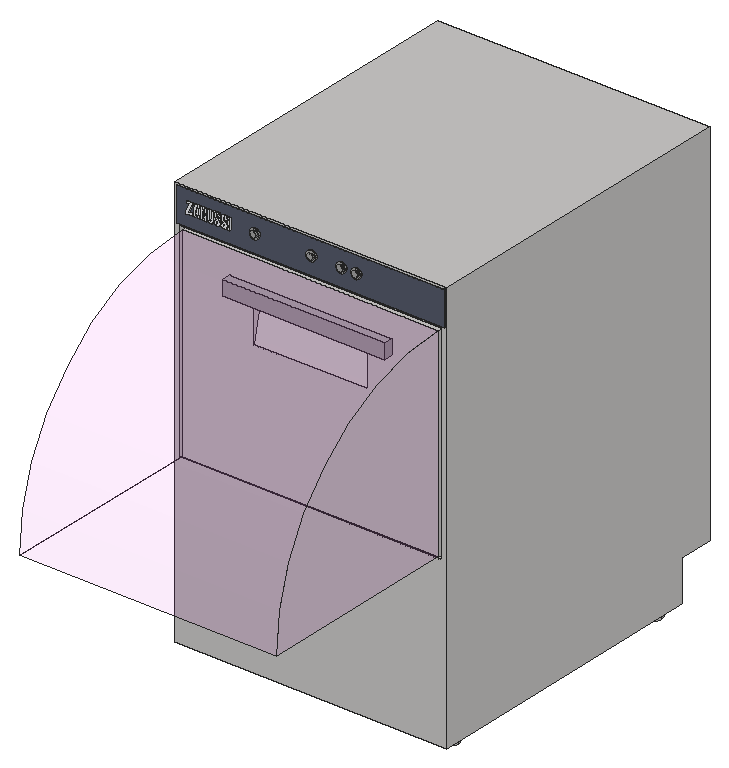
Revit family "QF_ZANUSSI_402294_ZSP", category Attrezzature speciali, Revit 2020
Family settings
  Quota connettore circolare = Usa diametro
  Tipo di parte = Normale
  Basato su piano di lavoro = No
  Sempre verticale = Sì
  Taglio con vuoti quando caricato = No
  Condiviso = Sì
  Punto di calcolo locali = No
Parameters (values of type "Standard")
  Weight = 82.6733 lbm
  Watts = 2700 W
  Volts = 220 V
  URL Manufacturer = "http://www.zanussiprofessional.com"
  URL = "http://www.zanussiprofessional.com"
  Steam Supply Size = 0"
  Steam Supply Minimum Pressure = 0.00 psi
  Steam Supply Maximum Pressure = 0.00 psi
  Steam Consumption per Hour = 0
  Show Logo [instance] = yes
  Show Clearance [instance] = yes
  Refrigeration Suction Line Size = 0 mm
  Refrigeration Liquid Line Size = 0 mm
  Refrigerant Compressor Remote = yes
  Prospetto di default = 0 mm
  Produttore = "Zanussi"
  Phase = 1
  Modello = "ZSP"
  Length Actual = 455 mm  # constant formula
  Item Number = "402294"
  Hot Water Size = 0"
  Height Actual = 700 mm  # constant formula
  HP = "3.6 HP"
  Gas Size = 0"
  Gas KW = 0
  Gas Input Pressure = 0.0 Btu/h
  Direct Waste Size = 1.14173"
  Descrizione = "GLASSWASHER(S) SINGLE SKIN, DRAIN PUMP, 30B/H"
  Depth Actual = 550 mm  # constant formula
  Cycle = 50 Hz
  Condensate Return Size = 0"
  Compressed Air Volume = 0 GPM
  Compressed Air Size = 0"
  Compressed Air Pressure = 0.00 psi
  Cold Water Size = 3/4"
  Accessory = yes
Reference planes
  plane 1 "BACK": y = 0
  plane 2: z = 0
  plane 3 "LEFT": x = 0
  plane 4 "RIGHT": x = 455
  plane 5 "FRONT": y = -550
  plane 6 "TOP": z = 700
  plane 7: z = 80
Forms (mm)
  Extrusion 1, solid, material "QF_Finishes_Stainless Steel"
    sketch origin (572.404, -56, 162.714) x (1, 0, 0) y (0, 0, 1)
      loop
        line (-392.404, -132.714) -> (-392.404, -152.714) -> (-372.404, -152.714) -> (-372.404, -132.714) -> (-392.404, -132.714)
    from 0 to 2
  Extrusion 2, solid, material "QF_Finishes_Stainless Steel"
    sketch origin (492.814, -53, 212.692) x (1, 0, 0) y (0, 0, 1)
      loop
        circle (-372.814, -140.692) r 8
    from 0 to 5
  Extrusion 3, solid, material "QF_Finishes_Stainless Steel"
    sketch origin (0, 0, 0) x (0, 1, 0) y (0, 0, 1)
      loop
        line (0, 700) -> (-550, 700) -> (-550, 10) -> (-58, 10) -> (-58, 80) -> (0, 80) -> (0, 700)
    from 0 to 455
  Extrusion 4, void
    sketch origin (0, 0, 0) x (0, 1, 0) y (0, 0, 1)
      loop
        line (-520, 637) -> (-550, 637) -> (-550, 290) -> (-520, 290) -> (-520, 637)
    from 7.744 to 447.027
  Extrusion 5, solid, material "QF_Finishes_Stainless Steel"
    sketch origin (0, 0, 0) x (0, 1, 0) y (0, 0, 1)
      loop
        line (-525, 632) -> (-550, 632) -> (-550, 292) -> (-525, 292) -> (-525, 632)
    from 12.721 to 442.431
  Extrusion 6, void
    sketch origin (-10.963, 0, 0) x (0, 1, 0) y (0, 0, 1)
      loop
        line (-550, 567) -> (-550, 502) -> (-535, 567) -> (-550, 567)
    from 143.538 to 333.389
  Extrusion 7, solid, material "QF_Finishes_Gray"
    sketch origin (92.495, 0, 0) x (0, 1, 0) y (0, 0, 1)
      loop
        line (-550, 567) -> (-550, 592) -> (-565, 592) -> (-565, 567) -> (-550, 567)
    from 0 to 270.01
  Extrusion 8, solid, material "QF_Finishes_Navy Blue"
    sketch origin (0, 0, 0) x (0, 1, 0) y (0, 0, 1)
      loop
        line (-550, 640) -> (-550, 697) -> (-550.8, 697) -> (-550.8, 640) -> (-550, 640)
    from 3.223 to 451.973
  Revolve 9, solid, material "QF_Finishes_Door Clearance", visible <- "Show Clearance"
    sketch origin (0, -550, 0) x (1, 0, 0) y (0, 0, 1)
      loop
        line (12.721, 632) -> (12.721, 292) -> (442.431, 292) -> (442.431, 632) -> (12.721, 632)
      axis (442.431, 292) -> (12.721, 292)
    angle from 0 to -90
  Extrusion 10, solid, material "QF_Finishes_Stainless Steel"
    sketch origin (603.814, -53, 212.692) x (1, 0, 0) y (0, 0, 1)
      loop
        circle (-372.814, -140.692) r 8
    from 0 to 5
Cuts and joins
  Extrusion 4, Extrusion 6 cuts Extrusion 3
  Extrusion 6 cuts Extrusion 5
Dimensions and locks
  plane 1 "BACK" to plane 5 "FRONT" = 550 mm
  plane 4 "RIGHT" to plane 3 "LEFT" = 455 mm
  plane 6 "TOP" to level = 700 mm
  plane 3 "LEFT" to plane 4 "RIGHT" = 455 mm
  plane 5 "FRONT" to plane 1 "BACK" = 550 mm
  plane 6 "TOP" to plane 2 = 700 mm
  plane 7 to plane 2 = 80 mm
  cut or joined group of Extrusion 3, Extrusion 4, Extrusion 6 to Revolve 9 = 890 mm
  aligned and locked: level to plane 2
Nested families
  nested 1: "Piedino 10x12.5 mm - DISHWASHING" at (435.5, -517, 0), type "Piedino 10x12.5 mm - DISHWASHING"
  nested 2: "Piedino 10x12.5 mm - DISHWASHING" at (19.5, -517, 0) x (-1, 0, 0) z (0, 0, 1), type "Piedino 10x12.5 mm - DISHWASHING"
  nested 3: "Piedino 10x12.5 mm - DISHWASHING" at (435.5, -91, 0), type "Piedino 10x12.5 mm - DISHWASHING"
  nested 4: "Piedino 10x12.5 mm - DISHWASHING" at (19.5, -91, 0) x (-1, 0, 0) z (0, 0, 1), type "Piedino 10x12.5 mm - DISHWASHING"
  nested 5: "ZANUSSI_Logo - WHITE" at (62.415, -550.8, 719) x (1, 0, 0) z (0, -1, 0), Show Logo <- "Show Logo", visible <- "Show Logo", type "ZANUSSI_Logo - WHITE"
    with Show Logo yes
  nested 6: "Bottone grigio DISHWASHING" at (135, -550.8, 670) x (1, 0, 0) z (0, -1, 0), type "Bottone grigio DISHWASHING"
  nested 7: "Bottone grigio DISHWASHING" at (230, -550.8, 670) x (1, 0, 0) z (0, -1, 0), type "Bottone grigio DISHWASHING"
  nested 8: "Bottone grigio DISHWASHING" at (280, -550.8, 670) x (1, 0, 0) z (0, -1, 0), type "Bottone grigio DISHWASHING"
  nested 9: "Bottone grigio DISHWASHING" at (305, -550.8, 670) x (1, 0, 0) z (0, -1, 0), type "Bottone grigio DISHWASHING"
Connectors
  electrical at (190, -56, 20)
    settings: on Extrusion 1, index 3, voltage 0 V, apparent load 0 VA, apparent load phase1 0 VA, apparent load phase2 0 VA, apparent load phase3 0 VA, power factor 1, load classification "Altro", number of poles 1, system type 30, power factor state 1, is connector primary yes, connector utility no, sub classification motor no, connector description "EI"
  piping at (120, -53, 72), diameter 12.7
    settings: on Extrusion 2, index 4, connector inside diameter 24", connector length 0 mm, flow factor 0, pipe flow 0 GPM, pressure drop 0.00 psi, fitting loss kfactor 0, connector angle 0.00°, fixture units 0, engagement length 0 mm, angle of deflection 0.00°, flow configuration 0, flow direction 0, fitting loss method 0, system type 29, joint type 0, gender type 0, connector reference index -1, connector utility 0, adjustable connector no, is connector primary yes, connector description "WI"
  piping at (231, -53, 72), diameter 12.7
    settings: on Extrusion 10, index 5, connector inside diameter 24", connector length 0 mm, flow factor 0, pipe flow 0 GPM, pressure drop 0.00 psi, fitting loss kfactor 0, connector angle 0.00°, fixture units 0, engagement length 0 mm, angle of deflection 0.00°, flow configuration 0, flow direction 0, fitting loss method 0, system type 29, joint type 0, gender type 0, connector reference index -1, connector utility 0, adjustable connector no, is connector primary no, connector description "D"
Definition of nested family "Piedino 10x12.5 mm - DISHWASHING"
  Parameters (values of type "Piedino 10x12.5 mm - DISHWASHING")
    Default Elevation = 0 mm
    P = 930 mm
    L = 400 mm
    H = 290 mm
  Reference planes
    plane 1: y = 0
    plane 2: z = 0
    plane 3: x = 0
    plane 4: z = 290
    plane 5: z = 24
    plane 6: z = 55
  Forms (mm)
    Extrusion 1, solid
      sketch origin (-373.847, 979.72, 0) x (1, 0, 0) y (0, 1, 0)
        loop
          circle (373.847, -979.72) r 12.5
      from 0 to 10
  Dimensions and locks
    "H": plane 4 to level
    plane 4 to plane 5 to level = 266 mm, 24 mm
    level to plane 6 = 55 mm
    aligned and locked: level to plane 2
  Automatic sketch dimensions
    plane 3 to Extrusion 1 sketch curve = 0 mm
    plane 1 to Extrusion 1 sketch curve = 0 mm
    radius of Extrusion 1 sketch curve = 12.5 mm
Definition of nested family "ZANUSSI_Logo - WHITE"
  Parameters (values of type "ZANUSSI_Logo - WHITE")
    Show Logo [instance] = yes
    Default Elevation = 1219.2 mm
  Reference planes
    plane 1 "Center (Front/Back)": y = -49
    plane 2: z = 0
    plane 3 "Center (Left/Right)": x = -9.92
  Forms (mm)
    Extrusion 1, solid
      sketch origin (0, 0, 0) x (1, 0, 0) y (0, 1, 0)
        loop
          line (-1219.2, 1219.2) -> (-1219.2, -1219.2) -> (1219.2, -1219.2) -> (1219.2, 1219.2) -> (-1219.2, 1219.2)
      from 0 to -304.8
    Extrusion 2, solid, visible <- "Show Logo"
      sketch origin (106.353, -215.165, -50) x (1, 0, 0) y (0, 1, 0)
        loop
          line (-137.419, 156.48) -> (-137.419, 160.444) -> (-143.365, 160.444) -> (-137.419, 172.566) -> (-137.419, 175.851) -> (-147.274, 175.851) -> (-147.274, 172.226) -> (-142.063, 172.339) -> (-147.728, 160.444) -> (-147.728, 156.48) -> (-137.419, 156.48)
        loop
          line (-131.729, 163.73) -> (-129.463, 163.73) -> (-130.596, 172.54) -> (-131.729, 163.73)
        loop
          line (-132.748, 156.48) -> (-132.182, 160.218) -> (-128.897, 160.218) -> (-128.33, 156.48) -> (-124.252, 156.48) -> (-127.877, 175.851) -> (-133.315, 175.851) -> (-136.826, 156.48) -> (-132.748, 156.48)
        loop
          line (-123.75, 175.851) -> (-123.75, 156.48) -> (-120.238, 156.48) -> (-120.238, 169.281) -> (-116.953, 156.48) -> (-112.648, 156.48) -> (-112.648, 175.851) -> (-116.273, 175.851) -> (-116.273, 163.503) -> (-119.558, 175.851) -> (-123.75, 175.851)
        loop
          arc (-111.742, 161.27) -> (-106.896, 156.448) -> (-101.433, 160.558) r 5.22
          line (-101.433, 160.558) -> (-101.433, 175.851) -> (-105.398, 175.851) -> (-105.398, 161.464)
          arc (-105.398, 161.464) -> (-106.44, 160.263) -> (-107.777, 161.124) r 1.214
          line (-107.777, 161.124) -> (-107.777, 175.851) -> (-111.742, 175.851) -> (-111.742, 161.27)
        loop
          line (-94.069, 169.734) -> (-90.331, 169.734) -> (-90.269, 171.495)
          arc (-90.269, 171.495) -> (-90.53, 173.458) -> (-91.761, 175.009) r 3.719
          arc (-91.761, 175.009) -> (-95.38, 176.189) -> (-98.998, 175.009) r 6.139
          arc (-98.998, 175.009) -> (-100.474, 172.145) -> (-100.291, 168.927) r 6.125
          arc (-100.291, 168.927) -> (-99.079, 167.149) -> (-97.591, 165.594) r 13.068
          line (-97.591, 165.594) -> (-95.921, 164.113)
          arc (-95.921, 164.113) -> (-94.934, 163.275) -> (-94.167, 162.233) r 5.571
          arc (-94.167, 162.233) -> (-94.357, 160.41) -> (-96.143, 160.003) r 1.573
          arc (-96.143, 160.003) -> (-96.681, 160.547) -> (-96.911, 161.277) r 1.631
          arc (-96.911, 161.277) -> (-96.929, 161.791) -> (-96.911, 162.305) r 7.441
          arc (-96.911, 162.305) -> (-96.895, 162.791) -> (-96.911, 163.277) r 7.03
          line (-96.911, 163.277) -> (-100.866, 163.277)
          arc (-100.866, 163.277) -> (-100.828, 160.504) -> (-99.735, 157.955) r 7.131
          arc (-99.735, 157.955) -> (-94.571, 156.484) -> (-90.221, 159.633) r 6.148
          arc (-90.221, 159.633) -> (-90.141, 162.884) -> (-91.536, 165.823) r 7.021
          line (-91.536, 165.823) -> (-95.882, 169.734)
          arc (-95.882, 169.734) -> (-96.47, 170.472) -> (-96.785, 171.362) r 2.858
          arc (-96.785, 171.362) -> (-95.666, 172.959) -> (-94.069, 171.84) r 1.379
          line (-94.069, 171.84) -> (-94.069, 169.734)
        loop
          line (-82.771, 169.734) -> (-79.033, 169.734) -> (-78.971, 171.495)
          arc (-78.971, 171.495) -> (-79.232, 173.458) -> (-80.463, 175.009) r 3.719
          arc (-80.463, 175.009) -> (-84.081, 176.189) -> (-87.7, 175.009) r 6.139
          arc (-87.7, 175.009) -> (-89.175, 172.145) -> (-88.993, 168.927) r 6.125
          arc (-88.993, 168.927) -> (-87.781, 167.149) -> (-86.293, 165.594) r 13.068
          line (-86.293, 165.594) -> (-84.623, 164.113)
          arc (-84.623, 164.113) -> (-83.636, 163.275) -> (-82.869, 162.233) r 5.571
          arc (-82.869, 162.233) -> (-83.059, 160.41) -> (-84.845, 160.003) r 1.573
          arc (-84.845, 160.003) -> (-85.383, 160.547) -> (-85.613, 161.277) r 1.631
          arc (-85.613, 161.277) -> (-85.631, 161.791) -> (-85.613, 162.305) r 7.441
          arc (-85.613, 162.305) -> (-85.596, 162.791) -> (-85.613, 163.277) r 7.03
          line (-85.613, 163.277) -> (-89.568, 163.277)
          arc (-89.568, 163.277) -> (-89.53, 160.504) -> (-88.437, 157.955) r 7.131
          arc (-88.437, 157.955) -> (-83.272, 156.484) -> (-78.922, 159.633) r 6.148
          arc (-78.922, 159.633) -> (-78.843, 162.884) -> (-80.238, 165.823) r 7.021
          line (-80.238, 165.823) -> (-84.584, 169.734)
          arc (-84.584, 169.734) -> (-85.171, 170.472) -> (-85.486, 171.362) r 2.858
          arc (-85.486, 171.362) -> (-84.368, 172.959) -> (-82.771, 171.84) r 1.379
          line (-82.771, 171.84) -> (-82.771, 169.734)
        loop
          line (-78.21, 175.851) -> (-78.21, 156.48) -> (-74.245, 156.48) -> (-74.245, 175.851) -> (-78.21, 175.851)
      from 50 to 51.6
  Dimensions and locks
    aligned and locked: plane 2 to Extrusion 1
    aligned and locked: level to Extrusion 1
Definition of nested family "Bottone grigio DISHWASHING"
  Parameters (values of type "Bottone grigio DISHWASHING")
    Default Elevation = 1219.2 mm
  Reference planes
    plane 1 "Centro (Fronte/Retro)": y = 0
    plane 2: z = 0
    plane 3 "Centro (Sinistra/Destra)": x = 0
  Forms (mm)
    Extrusion 1, solid
      sketch origin (0, 0, 0) x (1, 0, 0) y (0, 1, 0)
        loop
          line (-1219.2, 1219.2) -> (-1219.2, -1219.2) -> (1219.2, -1219.2) -> (1219.2, 1219.2) -> (-1219.2, 1219.2)
      from 0 to -304.8
    Extrusion 2, solid
      sketch origin (0, 0, 0) x (1, 0, 0) y (0, 1, 0)
        loop
          circle (0, 0) r 8
        loop
          circle (0, 0) r 5
      from 0 to 2
    Extrusion 3, solid
      sketch origin (0, 0, 0) x (1, 0, 0) y (0, 1, 0)
        loop
          circle (0, 0) r 4.9
      from 0 to 4
  Dimensions and locks
    aligned and locked: plane 2 to Extrusion 1
    aligned and locked: level to Extrusion 1
